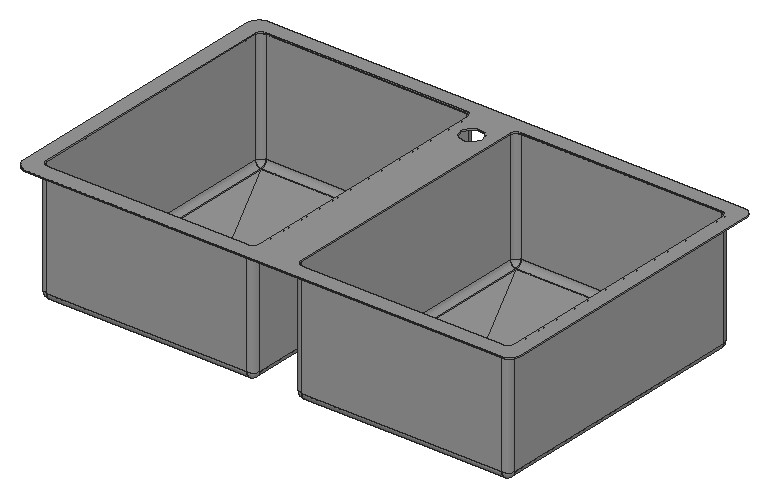
Revit family "BUILDMAT-SNGMTL013-Jack-820-Tap-Landing-Gunmetal", category Plumbing Fixtures, host Face, Revit 2026
Family settings
  Host = Face
  Round Connector Dimension = Use Diameter
  Part Type = Normal
  Enable Cutting in Views = No
  Cut with Voids When Loaded = No
  Maintain Annotation Orientation = No
  Shared = No
  Room Calculation Point = No
Parameters (values of type "Jack 820x500x205mm Brushed Gunmetal")
  Width 2 = 350.0 mm
  Width 1 = 350.0 mm
  Undermount [instance] = 20.0 mm
  URL = "https://www.buildmat.com.au/products/jack-820-double-bowl-tap-landing-sink"
  Sound Pad 2 = yes
  Sound Pad 1 = yes
  Model = "TLAN013"  # constant formula
  Manufacturer's URL = "https://www.buildmat.com.au/"
  Manufacturer = "BUILDMAT"  # constant formula
  Length = 450.0 mm
  Gap = 70.0 mm
  Drain Sound Pad 2 = yes
  Drain Sound Pad 1 = yes
  Description = "BUILDMAT - Jack 820x500 Double Bowl with Tap Landing Sink"  # constant formula
  Depth = 205.0 mm
  Default Elevation = 1200.0 mm
  D. S. Pad 2 = 230.0 mm
  D. S. Pad 1 = 230.0 mm
  D. Bracket 4 = 50.0 mm
  D. Bracket 3 = 100.0 mm
  D. Bracket 2 = 100.0 mm
  D. Bracket 1 = 50.0 mm
  Created By URL = "https://www.buildmat.com.au/"
  Created By = "BUILDMAT"  # constant formula
  Created = "22.06.2022"  # constant formula
  Bracket 4 = yes
  Bracket 3 = yes
  Bracket 2 = yes
  Bracket 1 = yes
  Material = BUILDMAT Gunmetal
Reference planes
  plane 1 "Center (Front/Back)": y = 0
  plane 2: z = 0
  plane 3 "Center (Left/Right)": x = 0
  plane 4: x = -35
  plane 5: x = 35
  plane 6: x = -385
  plane 7: x = 385
  plane 8: y = -225
  plane 9: y = 225
  plane 10: x = -410
  plane 11: x = 410
  plane 12: y = -250
  plane 13: y = 250
  plane 14: x = 210
  plane 15: x = -210
  plane 16: y = 215
  plane 17: y = -215
  plane 18: x = -375
  plane 19: x = -45
  plane 20: x = 45
  plane 21: x = 375
  plane 22: y = 226.5
  plane 23: y = -226.5
  plane 24: x = -386.5
  plane 25: x = -33.5
  plane 26: x = 33.5
  plane 27: x = 386.5
  plane 28: x = -267
  plane 29: x = -153
  plane 30: x = -165
  plane 31: x = -255
  plane 32: x = 153
  plane 33: x = 165
  plane 34: x = 255
  plane 35: x = 267
  plane 36 "Top Substrate": z = -20
  plane 37: z = -18.5
  plane 38 "Bottom Void": z = -225
  plane 39: z = -215
  plane 40: z = -205
  plane 41: z = -220
  plane 42: z = -221.481
  plane 43: z = -216.5
  plane 44 "Sound Pad": z = -125
  plane 45 "Bracket 1": x = -335
  plane 46 "Bracket 4": x = 335
  plane 47: y = 125
  plane 48: y = -125
  plane 49: x = -310
  plane 50: x = -110
  plane 51: x = 110
  plane 52: x = 310
  plane 53: z = -185
  plane 54: z = -165
  plane 55: y = 180
Forms (mm)
  Extrusion 1, void
    sketch origin (0, 0, 0) x (1, 0, 0) y (0, 1, 0)
      loop
        arc (-375, 225) -> (-382.071, 222.071) -> (-385, 215) r 10
        line (-385, 215) -> (-385, -215)
        arc (-385, -215) -> (-382.071, -222.071) -> (-375, -225) r 10
        line (-375, -225) -> (375, -225)
        arc (375, -225) -> (382.071, -222.071) -> (385, -215) r 10
        line (385, -215) -> (385, 215)
        arc (385, 215) -> (382.071, 222.071) -> (375, 225) r 10
        line (375, 225) -> (-375, 225)
    from 0 to -18.5
  Extrusion 2, void
    sketch origin (0, 0, 0) x (1, 0, 0) y (0, 1, 0)
      loop
        arc (-390, 250) -> (-404.142, 244.142) -> (-410, 230) r 20
        line (-410, 230) -> (-410, -230)
        arc (-410, -230) -> (-404.142, -244.142) -> (-390, -250) r 20
        line (-390, -250) -> (390, -250)
        arc (390, -250) -> (404.142, -244.142) -> (410, -230) r 20
        line (410, -230) -> (410, 230)
        arc (410, 230) -> (404.142, 244.142) -> (390, 250) r 20
        line (390, 250) -> (-390, 250)
    from -20 to -18.5
  Extrusion 3, void
    sketch origin (0, 0, 0) x (1, 0, 0) y (0, 1, 0)
      loop
        line (-386.5, 226.5) -> (-386.5, -226.5) -> (386.5, -226.5) -> (386.5, 226.5) -> (-386.5, 226.5)
    from -225 to -20
  Extrusion 4, solid, material "BUILDMAT Gunmetal" <- "Material"
    sketch origin (0, 0, -20) x (-1, 0, 0) y (0, -1, 0)
      loop
        arc (390, -250) -> (404.142, -244.142) -> (410, -230) r 20
        line (410, -230) -> (410, 230)
        arc (410, 230) -> (404.142, 244.142) -> (390, 250) r 20
        line (390, 250) -> (-390, 250)
        arc (-390, 250) -> (-404.142, 244.142) -> (-410, 230) r 20
        line (-410, 230) -> (-410, -230)
        arc (-410, -230) -> (-404.142, -244.142) -> (-390, -250) r 20
        line (-390, -250) -> (390, -250)
      loop
        arc (375, -225) -> (382.071, -222.071) -> (385, -215) r 10
        line (385, -215) -> (385, 215)
        arc (385, 215) -> (382.071, 222.071) -> (375, 225) r 10
        line (375, 225) -> (45, 225)
        arc (45, 225) -> (37.929, 222.071) -> (35, 215) r 10
        line (35, 215) -> (35, -215)
        arc (35, -215) -> (37.929, -222.071) -> (45, -225) r 10
        line (45, -225) -> (375, -225)
      loop
        line (-35, -215) -> (-35, 215)
        arc (-35, 215) -> (-37.929, 222.071) -> (-45, 225) r 10
        line (-45, 225) -> (-375, 225)
        arc (-375, 225) -> (-382.071, 222.071) -> (-385, 215) r 10
        line (-385, 215) -> (-385, -215)
        arc (-385, -215) -> (-382.071, -222.071) -> (-375, -225) r 10
        line (-375, -225) -> (-45, -225)
        arc (-45, -225) -> (-37.929, -222.071) -> (-35, -215) r 10
    from 0 to 1.5
  Extrusion 5, solid, material "BUILDMAT Gunmetal" <- "Material"
    sketch origin (0, 0, -20) x (-1, 0, 0) y (0, -1, 0)
      loop
        arc (375, -225) -> (382.071, -222.071) -> (385, -215) r 10
        line (385, -215) -> (385, 215)
        arc (385, 215) -> (382.071, 222.071) -> (375, 225) r 10
        line (375, 225) -> (45, 225)
        arc (45, 225) -> (37.929, 222.071) -> (35, 215) r 10
        line (35, 215) -> (35, -215)
        arc (35, -215) -> (37.929, -222.071) -> (45, -225) r 10
        line (45, -225) -> (375, -225)
      loop
        arc (375, -226.5) -> (383.132, -223.132) -> (386.5, -215) r 11.5
        line (386.5, -215) -> (386.5, 215)
        arc (386.5, 215) -> (383.132, 223.132) -> (375, 226.5) r 11.5
        line (375, 226.5) -> (45, 226.5)
        arc (45, 226.5) -> (36.868, 223.132) -> (33.5, 215) r 11.5
        line (33.5, 215) -> (33.5, -215)
        arc (33.5, -215) -> (36.868, -223.132) -> (45, -226.5) r 11.5
        line (45, -226.5) -> (375, -226.5)
    from 0 to -185
  Extrusion 6, solid, material "BUILDMAT Gunmetal" <- "Material"
    sketch origin (0, 0, -20) x (-1, 0, 0) y (0, -1, 0)
      loop
        arc (-45, -225) -> (-37.929, -222.071) -> (-35, -215) r 10
        line (-35, -215) -> (-35, 215)
        arc (-35, 215) -> (-37.929, 222.071) -> (-45, 225) r 10
        line (-45, 225) -> (-375, 225)
        arc (-375, 225) -> (-382.071, 222.071) -> (-385, 215) r 10
        line (-385, 215) -> (-385, -215)
        arc (-385, -215) -> (-382.071, -222.071) -> (-375, -225) r 10
        line (-375, -225) -> (-45, -225)
      loop
        line (-33.5, -215) -> (-33.5, 215)
        arc (-33.5, 215) -> (-36.868, 223.132) -> (-45, 226.5) r 11.5
        line (-45, 226.5) -> (-375, 226.5)
        arc (-375, 226.5) -> (-383.132, 223.132) -> (-386.5, 215) r 11.5
        line (-386.5, 215) -> (-386.5, -215)
        arc (-386.5, -215) -> (-383.132, -223.132) -> (-375, -226.5) r 11.5
        line (-375, -226.5) -> (-45, -226.5)
        arc (-45, -226.5) -> (-36.868, -223.132) -> (-33.5, -215) r 11.5
    from 0 to -185
  Extrusion 7, solid, material "BUILDMAT Gunmetal" <- "Material"
    sketch origin (0, 0, 0) x (1, 0, 0) y (0, 0, 1)
      loop
        line (-385, -205) -> (-386.5, -205)
        arc (-386.5, -205) -> (-383.132, -213.132) -> (-375, -216.5) r 11.5
        line (-375, -216.5) -> (-375, -215)
        arc (-375, -215) -> (-382.071, -212.071) -> (-385, -205) r 10
    from -215 to 215
  Extrusion 8, solid, material "BUILDMAT Gunmetal" <- "Material"
    sketch origin (0, 0, 0) x (1, 0, 0) y (0, 0, 1)
      loop
        arc (-35, -205) -> (-37.929, -212.071) -> (-45, -215) r 10
        line (-45, -215) -> (-45, -216.5)
        arc (-45, -216.5) -> (-36.868, -213.132) -> (-33.5, -205) r 11.5
        line (-33.5, -205) -> (-35, -205)
    from -215 to 215
  Extrusion 9, solid, material "BUILDMAT Gunmetal" <- "Material"
    sketch origin (0, 0, 0) x (1, 0, 0) y (0, 0, 1)
      loop
        line (35, -205) -> (33.5, -205)
        arc (33.5, -205) -> (36.868, -213.132) -> (45, -216.5) r 11.5
        line (45, -216.5) -> (45, -215)
        arc (45, -215) -> (37.929, -212.071) -> (35, -205) r 10
    from -215 to 215
  Extrusion 10, solid, material "BUILDMAT Gunmetal" <- "Material"
    sketch origin (0, 0, 0) x (1, 0, 0) y (0, 0, 1)
      loop
        arc (385, -205) -> (382.071, -212.071) -> (375, -215) r 10
        line (375, -215) -> (375, -216.5)
        arc (375, -216.5) -> (383.132, -213.132) -> (386.5, -205) r 11.5
        line (386.5, -205) -> (385, -205)
    from -215 to 215
  Extrusion 11, solid, material "BUILDMAT Gunmetal" <- "Material"
    sketch origin (0, 0, 0) x (0, 1, 0) y (0, 0, 1)
      loop
        line (226.5, -205) -> (225, -205)
        arc (225, -205) -> (222.071, -212.071) -> (215, -215) r 10
        line (215, -215) -> (215, -216.5)
        arc (215, -216.5) -> (223.132, -213.132) -> (226.5, -205) r 11.5
    from 45 to 375
  Extrusion 12, solid, material "BUILDMAT Gunmetal" <- "Material"
    sketch origin (0, 0, 0) x (0, 1, 0) y (0, 0, 1)
      loop
        line (-225, -205) -> (-226.5, -205)
        arc (-226.5, -205) -> (-223.132, -213.132) -> (-215, -216.5) r 11.5
        line (-215, -216.5) -> (-215, -215)
        arc (-215, -215) -> (-222.071, -212.071) -> (-225, -205) r 10
    from 45 to 375
  Extrusion 13, solid, material "BUILDMAT Gunmetal" <- "Material"
    sketch origin (0, 0, 0) x (0, 1, 0) y (0, 0, 1)
      loop
        arc (225, -205) -> (222.071, -212.071) -> (215, -215) r 10
        line (215, -215) -> (215, -216.5)
        arc (215, -216.5) -> (223.132, -213.132) -> (226.5, -205) r 11.5
        line (226.5, -205) -> (225, -205)
    from -375 to -45
  Extrusion 14, solid, material "BUILDMAT Gunmetal" <- "Material"
    sketch origin (0, 0, 0) x (0, 1, 0) y (0, 0, 1)
      loop
        line (-225, -205) -> (-226.5, -205)
        arc (-226.5, -205) -> (-223.132, -213.132) -> (-215, -216.5) r 11.5
        line (-215, -216.5) -> (-215, -215)
        arc (-215, -215) -> (-222.071, -212.071) -> (-225, -205) r 10
    from -375 to -45
  Revolve 15, solid, material "BUILDMAT Gunmetal" <- "Material"
    sketch origin (-423.435, 215, 4000) x (-1, 0, 0) y (0, 0, 1)
      loop
        arc (-38.435, -4205) -> (-41.364, -4212.071) -> (-48.435, -4215) r 10
        line (-48.435, -4215) -> (-48.435, -4216.5)
        arc (-48.435, -4216.5) -> (-40.304, -4213.132) -> (-36.935, -4205) r 11.5
        line (-36.935, -4205) -> (-38.435, -4205)
      axis (-48.435, -4205) -> (-48.435, -4216.5)
    angle from -90 to 0
  Revolve 16, solid, material "BUILDMAT Gunmetal" <- "Material"
    sketch origin (-423.435, 215, 4000) x (-1, 0, 0) y (0, 0, 1)
      loop
        line (-388.435, -4205) -> (-389.935, -4205)
        arc (-389.935, -4205) -> (-386.567, -4213.132) -> (-378.435, -4216.5) r 11.5
        line (-378.435, -4216.5) -> (-378.435, -4215)
        arc (-378.435, -4215) -> (-385.506, -4212.071) -> (-388.435, -4205) r 10
      axis (-378.435, -4205) -> (-378.435, -4216.5)
    angle from -90 to 0
  Revolve 17, solid, material "BUILDMAT Gunmetal" <- "Material"
    sketch origin (-423.435, 215, 4000) x (-1, 0, 0) y (0, 0, 1)
      loop
        arc (-458.435, -4205) -> (-461.364, -4212.071) -> (-468.435, -4215) r 10
        line (-468.435, -4215) -> (-468.435, -4216.5)
        arc (-468.435, -4216.5) -> (-460.304, -4213.132) -> (-456.935, -4205) r 11.5
        line (-456.935, -4205) -> (-458.435, -4205)
      axis (-468.435, -4205) -> (-468.435, -4216.5)
    angle from -90 to 0
  Revolve 18, solid, material "BUILDMAT Gunmetal" <- "Material"
    sketch origin (-423.435, 215, 4000) x (-1, 0, 0) y (0, 0, 1)
      loop
        line (-808.435, -4205) -> (-809.935, -4205)
        arc (-809.935, -4205) -> (-806.567, -4213.132) -> (-798.435, -4216.5) r 11.5
        line (-798.435, -4216.5) -> (-798.435, -4215)
        arc (-798.435, -4215) -> (-805.506, -4212.071) -> (-808.435, -4205) r 10
      axis (-798.435, -4205) -> (-798.435, -4216.5)
    angle from -90 to 0
  Revolve 19, solid, material "BUILDMAT Gunmetal" <- "Material"
    sketch origin (-423.435, -215, 4000) x (-1, 0, 0) y (0, 0, 1)
      loop
        arc (-38.435, -4205) -> (-41.364, -4212.071) -> (-48.435, -4215) r 10
        line (-48.435, -4215) -> (-48.435, -4216.5)
        arc (-48.435, -4216.5) -> (-40.304, -4213.132) -> (-36.935, -4205) r 11.5
        line (-36.935, -4205) -> (-38.435, -4205)
      axis (-48.435, -4205) -> (-48.435, -4216.5)
    angle from 0 to 90
  Revolve 20, solid, material "BUILDMAT Gunmetal" <- "Material"
    sketch origin (-423.435, -215, 4000) x (-1, 0, 0) y (0, 0, 1)
      loop
        arc (-389.935, -4205) -> (-386.567, -4213.132) -> (-378.435, -4216.5) r 11.5
        line (-378.435, -4216.5) -> (-378.435, -4215)
        arc (-378.435, -4215) -> (-385.506, -4212.071) -> (-388.435, -4205) r 10
        line (-388.435, -4205) -> (-389.935, -4205)
      axis (-378.435, -4205) -> (-378.435, -4216.5)
    angle from 0 to 90
  Revolve 21, solid, material "BUILDMAT Gunmetal" <- "Material"
    sketch origin (-423.435, -215, 4000) x (-1, 0, 0) y (0, 0, 1)
      loop
        line (-456.935, -4205) -> (-458.435, -4205)
        arc (-458.435, -4205) -> (-461.364, -4212.071) -> (-468.435, -4215) r 10
        line (-468.435, -4215) -> (-468.435, -4216.5)
        arc (-468.435, -4216.5) -> (-460.304, -4213.132) -> (-456.935, -4205) r 11.5
      axis (-468.435, -4205) -> (-468.435, -4216.5)
    angle from 0 to 90
  Revolve 22, solid, material "BUILDMAT Gunmetal" <- "Material"
    sketch origin (-423.435, -215, 4000) x (-1, 0, 0) y (0, 0, 1)
      loop
        arc (-809.935, -4205) -> (-806.567, -4213.132) -> (-798.435, -4216.5) r 11.5
        line (-798.435, -4216.5) -> (-798.435, -4215)
        arc (-798.435, -4215) -> (-805.506, -4212.071) -> (-808.435, -4205) r 10
        line (-808.435, -4205) -> (-809.935, -4205)
      axis (-798.435, -4205) -> (-798.435, -4216.5)
    angle from 0 to 90
  Extrusion 23, solid, material "BUILDMAT Gunmetal" <- "Material"
    sketch origin (0, 0, -20) x (-1, 0, 0) y (0, -1, 0)
      loop
        line (45, -215) -> (375, -215) -> (375, 215) -> (45, 215) -> (45, -215)
    from -196.5 to -195
  Extrusion 24, solid, material "BUILDMAT Gunmetal" <- "Material"
    sketch origin (0, 0, -20) x (-1, 0, 0) y (0, -1, 0)
      loop
        line (-45, -215) -> (-45, 215) -> (-375, 215) -> (-375, -215) -> (-45, -215)
    from -196.5 to -195
  Blend 25, solid, material "BUILDMAT Gunmetal" <- "Material"
    base sketch origin (0, 0, -20) x (-1, 0, 0) y (0, -1, 0)
      loop
        circle (210, 0) r 57
    top sketch origin (0, 0, -20) x (-1, 0, 0) y (0, -1, 0)
      loop
        line (375, -215) -> (375, 215) -> (45, 215) -> (45, -215) -> (375, -215)
    from -201.481 to -196.5
  Blend 26, solid, material "BUILDMAT Gunmetal" <- "Material"
    base sketch origin (0, 0, -20) x (-1, 0, 0) y (0, -1, 0)
      loop
        circle (-210, 0) r 57
    top sketch origin (0, 0, -20) x (-1, 0, 0) y (0, -1, 0)
      loop
        line (-45, -215) -> (-45, 215) -> (-375, 215) -> (-375, -215) -> (-45, -215)
    from -201.481 to -196.5
  Blend 27, void
    base sketch origin (0, 0, -20) x (-1, 0, 0) y (0, -1, 0)
      loop
        circle (210, 0) r 57
    top sketch origin (0, 0, -20) x (-1, 0, 0) y (0, -1, 0)
      loop
        line (375, -215) -> (375, 215) -> (45, 215) -> (45, -215) -> (375, -215)
    from -200 to -195
  Blend 28, void
    base sketch origin (0, 0, -20) x (-1, 0, 0) y (0, -1, 0)
      loop
        circle (-210, 0) r 57
    top sketch origin (0, 0, -20) x (-1, 0, 0) y (0, -1, 0)
      loop
        line (-45, -215) -> (-45, 215) -> (-375, 215) -> (-375, -215) -> (-45, -215)
    from -200 to -195
  Extrusion 29, void
    sketch origin (0, 0, -225) x (-1, 0, 0) y (0, -1, 0)
      loop
        circle (210, 0) r 57
    from 0 to 5
  Extrusion 30, void
    sketch origin (0, 0, -225) x (-1, 0, 0) y (0, -1, 0)
      loop
        circle (-210, 0) r 57
    from 0 to 5
  Revolve 31, solid, material "BUILDMAT Gunmetal" <- "Material"
    sketch origin (0, 0, 0) x (1, 0, 0) y (0, 0, 1)
      loop
        spline (-267, -220) -> (-266.897, -220.653) -> (-266.591, -221.294) -> (-266.087, -221.913) -> (-265.392, -222.5) -> (-264.52, -223.044) -> (-263.485, -223.536) -> (-262.305, -223.967) -> (-261, -224.33) -> (-259.592, -224.619) -> (-258.106, -224.83) -> (-256.566, -224.957) -> (-255, -225)
        line (-255, -225) -> (-255, -223.5)
        spline (-255, -223.5) -> (-256.371, -223.47) -> (-257.718, -223.381) -> (-259.018, -223.234) -> (-260.25, -223.031) -> (-261.392, -222.777) -> (-262.425, -222.475) -> (-263.33, -222.131) -> (-264.093, -221.75) -> (-264.701, -221.339) -> (-265.142, -220.906) -> (-265.41, -220.457) -> (-265.5, -220)
        line (-265.5, -220) -> (-267, -220)
      axis (-210, -225) -> (-210, -220)
    angle from 0 to 360
  Revolve 32, solid, material "BUILDMAT Gunmetal" <- "Material"
    sketch origin (0, 0, 0) x (1, 0, 0) y (0, 0, 1)
      loop
        line (267, -220) -> (265.5, -220)
        spline (265.5, -220) -> (265.41, -220.457) -> (265.142, -220.906) -> (264.701, -221.339) -> (264.093, -221.75) -> (263.33, -222.131) -> (262.425, -222.475) -> (261.392, -222.777) -> (260.25, -223.031) -> (259.018, -223.234) -> (257.718, -223.381) -> (256.371, -223.47) -> (255, -223.5)
        line (255, -223.5) -> (255, -225)
        spline (255, -225) -> (256.566, -224.957) -> (258.106, -224.83) -> (259.592, -224.619) -> (261, -224.33) -> (262.305, -223.967) -> (263.485, -223.536) -> (264.52, -223.044) -> (265.392, -222.5) -> (266.087, -221.913) -> (266.591, -221.294) -> (266.897, -220.653) -> (267, -220)
      axis (210, -220) -> (210, -225)
    angle from 0 to 360
  Extrusion 33, void
    sketch origin (0, 0, -20) x (-1, 0, 0) y (0, -1, 0)
      loop
        circle (0, -180) r 17.5
    from 0 to 1.5
Cuts and joins
  Blend 27, Extrusion 29 cuts Extrusion 23
  Blend 27, Extrusion 29 cuts Blend 25
  joined: Extrusion 23, Blend 25
  Blend 28, Extrusion 30 cuts Extrusion 24
  Blend 28, Extrusion 30 cuts Blend 26
  joined: Extrusion 24, Blend 26
  Extrusion 33 cuts Extrusion 4
Lines and regions (mm)
  Masking region 1
    outline origin (0, 0, 0) x (1, 0, 0) y (0, 0, 1)
      loop
        line (-385, -20) -> (-385, -205)
        arc (-385, -205) -> (-382.071, -212.071) -> (-375, -215) r 10
        line (-375, -215) -> (-267, -220) -> (-153, -220) -> (-45, -215)
        arc (-45, -215) -> (-37.929, -212.071) -> (-35, -205) r 10
        line (-35, -205) -> (-35, -20) -> (-385, -20)
  Masking region 2
    outline origin (0, 0, 0) x (1, 0, 0) y (0, 0, 1)
      loop
        line (35, -20) -> (35, -205)
        arc (35, -205) -> (37.609, -211.736) -> (44.076, -214.957) r 10
        line (44.076, -214.957) -> (153, -220) -> (267, -220) -> (375, -215)
        arc (375, -215) -> (382.071, -212.071) -> (385, -205) r 10
        line (385, -205) -> (385, -20) -> (35, -20)
  Masking region 3, visible <- "Drain Sound Pad 1"
    outline origin (0, 0, 0) x (1, 0, 0) y (0, 0, 1)
      loop
        line (-267, -221.481) -> (-310, -219.498) -> (-310, -225) -> (-267, -225) -> (-267, -221.481)
  Masking region 4, visible <- "Drain Sound Pad 1"
    outline origin (0, 0, 0) x (1, 0, 0) y (0, 0, 1)
      loop
        line (-153, -221.481) -> (-153, -225) -> (-110, -225) -> (-110, -219.498) -> (-153, -221.481)
  Masking region 5, visible <- "Drain Sound Pad 2"
    outline origin (0, 0, 0) x (1, 0, 0) y (0, 0, 1)
      loop
        line (110, -219.498) -> (110, -225) -> (153, -225) -> (153, -221.481) -> (110, -219.498)
  Masking region 6, visible <- "Drain Sound Pad 2"
    outline origin (0, 0, 0) x (1, 0, 0) y (0, 0, 1)
      loop
        line (310, -219.498) -> (267, -221.481) -> (267, -225) -> (310, -225) -> (310, -219.498)
  Masking region 7
    outline origin (0, 0, 0) x (1, 0, 0) y (0, 0, 1)
      loop
        line (-33.5, -165) -> (-33.5, -185) -> (33.5, -185) -> (33.5, -165) -> (-33.5, -165)
Text (mm)
  text "Refer to www.buildmat.com.au for the most current product literature. \nAllow a +/- 5mm tolerance for dimensions shown in the product literature. \nPlease note product details are subject to change due to ongoing product development." at (0.056, -1035.857, 0), in view "Ref. Level"
Dimensions and locks
  equal spacing: plane 4, plane 3 "Center (Left/Right)", plane 5
  "Gap": plane 4 to plane 5
  "Width 1": plane 6 to plane 4
  "Width 2": plane 5 to plane 7
  equal spacing: plane 9, plane 1 "Center (Front/Back)", plane 8
  "Length": plane 8 to plane 9
  locked: plane 10 to plane 6 at 25
  locked: plane 7 to plane 11 at 25
  locked: plane 13 to plane 9 at 25
  locked: plane 8 to plane 12 at 25
  equal spacing: plane 5, plane 14, plane 7
  equal spacing: plane 6, plane 15, plane 4
  locked: plane 9 to plane 16 at 10
  locked: plane 17 to plane 8 at 10
  locked: plane 6 to plane 18 at 10
  locked: plane 19 to plane 4 at 10
  locked: plane 5 to plane 20 at 10
  locked: plane 21 to plane 7 at 10
  locked: plane 8 to plane 23 at 1.5
  locked: plane 22 to plane 9 at 1.5
  locked: plane 24 to plane 6 at 1.5
  locked: plane 4 to plane 25 at 1.5
  locked: plane 26 to plane 5 at 1.5
  locked: plane 7 to plane 27 at 1.5
  plane 28 to plane 15 to plane 29 = 57.0 mm locked, 57.0 mm locked
  plane 31 to plane 15 to plane 30 = 45.0 mm locked, 45.0 mm locked
  plane 32 to plane 14 to plane 35 = 57.0 mm locked, 57.0 mm locked
  plane 33 to plane 14 to plane 34 = 45.0 mm locked, 45.0 mm locked
  locked: plane 37 to plane 36 "Top Substrate" at 1.5
  plane 40 to plane 39 to plane 38 "Bottom Void" = 10.0 mm locked, 10.0 mm locked
  locked: plane 41 to plane 38 "Bottom Void" at 5
  locked: plane 41 to plane 42 at 1.481
  locked: plane 39 to plane 43 at 1.5
  locked: plane 44 "Sound Pad" to plane 38 "Bottom Void" at 100
  "Depth": plane 36 "Top Substrate" to plane 38 "Bottom Void"
  "Undermount": plane 2 to plane 36 "Top Substrate"
  locked: plane 45 "Bracket 1" to plane 6 at 50
  locked: plane 7 to plane 46 "Bracket 4" at 50
  locked: plane 9 to plane 47 at 100
  locked: plane 48 to plane 8 at 100
  plane 50 to plane 15 to plane 49 = 100.0 mm locked, 100.0 mm locked
  plane 52 to plane 14 to plane 51 = 100.0 mm locked, 100.0 mm locked
  plane 54 to plane 53 to plane 40 = 20.0 mm locked, 20.0 mm locked
  locked: plane 13 to plane 55 at 70
  aligned and locked: plane 2 to host face
  aligned and locked: level to host face
  aligned and locked: Extrusion 1 sketch curve to plane 9
  aligned and locked: Extrusion 1 sketch curve to plane 6
  aligned and locked: Extrusion 1 sketch curve to plane 7
  aligned and locked: Extrusion 1 sketch curve to plane 8
  aligned and locked: Extrusion 1 to level
  aligned and locked: Extrusion 1 to plane 37
  aligned and locked: Extrusion 2 sketch curve to plane 13
  aligned and locked: Extrusion 2 sketch curve to plane 10
  aligned and locked: Extrusion 2 sketch curve to plane 11
  aligned and locked: Extrusion 2 sketch curve to plane 12
  aligned and locked: Extrusion 2 to plane 36 "Top Substrate"
  aligned and locked: Extrusion 2 to plane 37
  aligned and locked: Extrusion 3 sketch curve to plane 22
  aligned and locked: Extrusion 3 sketch curve to plane 24
  aligned and locked: Extrusion 3 sketch curve to plane 27
  aligned and locked: Extrusion 3 sketch curve to plane 23
  aligned and locked: Extrusion 3 to plane 38 "Bottom Void"
  aligned and locked: plane 36 "Top Substrate" to Extrusion 3
  aligned and locked: Extrusion 4 sketch curve to plane 13
  aligned and locked: Extrusion 4 sketch curve to plane 10
  aligned and locked: Extrusion 4 sketch curve to plane 11
  aligned and locked: Extrusion 4 sketch curve to plane 12
  aligned and locked: Extrusion 4 sketch curve to plane 9  (x2)
  aligned and locked: Extrusion 4 sketch curve to plane 6
  aligned and locked: Extrusion 4 sketch curve to plane 8  (x2)
  aligned and locked: Extrusion 4 sketch curve to plane 4
  aligned and locked: Extrusion 4 sketch curve to plane 5
  aligned and locked: Extrusion 4 sketch curve to plane 7
  aligned and locked: Extrusion 4 to plane 36 "Top Substrate"
  aligned and locked: Extrusion 4 to plane 37
  aligned and locked: Extrusion 5 sketch curve to plane 9
  aligned and locked: Extrusion 5 sketch curve to plane 22
  aligned and locked: Extrusion 5 sketch curve to plane 6
  aligned and locked: Extrusion 5 sketch curve to plane 24
  aligned and locked: Extrusion 5 sketch curve to plane 25
  aligned and locked: Extrusion 5 sketch curve to plane 4
  aligned and locked: Extrusion 5 sketch curve to plane 23
  aligned and locked: Extrusion 5 sketch curve to plane 8
  aligned and locked: Extrusion 5 to plane 40
  aligned and locked: plane 36 "Top Substrate" to Extrusion 5
  aligned and locked: Extrusion 6 sketch curve to plane 9
  aligned and locked: Extrusion 6 sketch curve to plane 7
  aligned and locked: Extrusion 6 sketch curve to plane 8
  aligned and locked: Extrusion 6 sketch curve to plane 5
  aligned and locked: Extrusion 6 sketch curve to plane 26
  aligned and locked: Extrusion 6 sketch curve to plane 27
  aligned and locked: Extrusion 6 sketch curve to plane 22
  aligned and locked: Extrusion 6 sketch curve to plane 23
  aligned and locked: Extrusion 6 to plane 40
  aligned and locked: plane 36 "Top Substrate" to Extrusion 6
  aligned and locked: Extrusion 7 sketch curve to plane 40
  aligned and locked: Extrusion 7 sketch curve to plane 18
  aligned and locked: Extrusion 8 sketch curve to plane 40
  aligned and locked: Extrusion 8 sketch curve to plane 19
  aligned and locked: Extrusion 9 sketch curve to plane 40
  aligned and locked: Extrusion 9 sketch curve to plane 20
  aligned and locked: Extrusion 10 sketch curve to plane 21
  aligned and locked: plane 40 to Extrusion 10 sketch curve
  aligned and locked: plane 16 to Extrusion 10
  aligned and locked: plane 16 to Extrusion 9
  aligned and locked: plane 16 to Extrusion 8
  aligned and locked: plane 16 to Extrusion 7
  aligned and locked: Extrusion 10 to plane 17
  aligned and locked: Extrusion 9 to plane 17
  aligned and locked: Extrusion 8 to plane 17
  aligned and locked: Extrusion 7 to plane 17
  aligned and locked: plane 40 to Extrusion 11 sketch curve
  aligned and locked: plane 16 to Extrusion 11 sketch curve
  aligned and locked: plane 17 to Extrusion 12 sketch curve
  aligned and locked: plane 40 to Extrusion 12 sketch curve
  aligned and locked: plane 21 to Extrusion 11
  aligned and locked: plane 21 to Extrusion 12
  aligned and locked: Extrusion 11 to plane 20
  aligned and locked: Extrusion 12 to plane 20
  aligned and locked: plane 16 to Extrusion 13 sketch curve
  aligned and locked: plane 40 to Extrusion 13 sketch curve
  aligned and locked: plane 17 to Extrusion 14 sketch curve
  aligned and locked: plane 40 to Extrusion 14 sketch curve
  aligned and locked: Extrusion 14 to plane 18
  aligned and locked: plane 19 to Extrusion 14
  aligned and locked: Extrusion 13 to plane 18
  aligned and locked: plane 19 to Extrusion 13
  aligned and locked: Revolve 15 sketch curve to plane 18
  aligned and locked: plane 40 to Revolve 15 sketch curve
  aligned and locked: plane 18 to Revolve 15 sketch curve
  aligned and locked: plane 18 to Revolve 15
  aligned and locked: plane 16 to Revolve 15
  aligned and locked: Revolve 16 sketch curve to plane 19
  aligned and locked: plane 19 to Revolve 16 sketch curve
  aligned and locked: plane 40 to Revolve 16 sketch curve
  aligned and locked: Revolve 16 to plane 19
  aligned and locked: plane 16 to Revolve 16
  aligned and locked: Revolve 17 sketch curve to plane 20
  aligned and locked: plane 40 to Revolve 17 sketch curve
  aligned and locked: plane 20 to Revolve 17 sketch curve
  aligned and locked: plane 20 to Revolve 17
  aligned and locked: plane 16 to Revolve 17
  aligned and locked: Revolve 18 sketch curve to plane 21
  aligned and locked: plane 21 to Revolve 18 sketch curve
  aligned and locked: plane 40 to Revolve 18 sketch curve
  aligned and locked: Revolve 18 to plane 21
  aligned and locked: Revolve 18 to plane 16
  aligned and locked: Revolve 19 sketch curve to plane 18
  aligned and locked: plane 40 to Revolve 19 sketch curve
  aligned and locked: plane 18 to Revolve 19 sketch curve
  aligned and locked: Revolve 19 to plane 18
  aligned and locked: plane 17 to Revolve 19
  aligned and locked: Revolve 20 sketch curve to plane 19
  aligned and locked: plane 40 to Revolve 20 sketch curve
  aligned and locked: plane 19 to Revolve 20 sketch curve
  aligned and locked: plane 19 to Revolve 20
  aligned and locked: plane 17 to Revolve 20
  aligned and locked: Revolve 21 sketch curve to plane 20
  aligned and locked: plane 40 to Revolve 21 sketch curve
  aligned and locked: plane 20 to Revolve 21 sketch curve
  aligned and locked: Revolve 21 to plane 20
  aligned and locked: plane 17 to Revolve 21
  aligned and locked: Revolve 22 sketch curve to plane 21
  aligned and locked: plane 40 to Revolve 22 sketch curve
  aligned and locked: plane 21 to Revolve 22 sketch curve
  aligned and locked: Revolve 22 to plane 17
  aligned and locked: plane 21 to Revolve 22
  aligned and locked: Extrusion 23 sketch curve to plane 19
  aligned and locked: Extrusion 23 sketch curve to plane 18
  aligned and locked: Extrusion 23 sketch curve to plane 16
  aligned and locked: Extrusion 23 sketch curve to plane 17
  aligned and locked: Extrusion 23 to plane 43
  aligned and locked: plane 39 to Extrusion 23
  aligned and locked: Extrusion 24 sketch curve to plane 16
  aligned and locked: Extrusion 24 sketch curve to plane 17
  aligned and locked: Extrusion 24 sketch curve to plane 21
  aligned and locked: Extrusion 24 sketch curve to plane 20
  aligned and locked: Extrusion 24 to plane 43
  aligned and locked: Extrusion 24 to plane 39
  aligned and locked: plane 42 to Blend 25
  aligned and locked: plane 43 to Blend 25
  aligned and locked: plane 42 to Blend 26
  aligned and locked: Blend 26 to plane 43
  aligned and locked: Blend 25 sketch curve to plane 16
  aligned and locked: Blend 25 sketch curve to plane 17
  aligned and locked: Blend 25 sketch curve to plane 18
  aligned and locked: Blend 25 sketch curve to plane 19
  aligned and locked: Blend 26 sketch curve to plane 16
  aligned and locked: Blend 26 sketch curve to plane 17
  aligned and locked: Blend 26 sketch curve to plane 21
  aligned and locked: Blend 26 sketch curve to plane 20
  aligned and locked: Blend 27 sketch curve to plane 16
  aligned and locked: Blend 27 sketch curve to plane 17
  aligned and locked: Blend 27 sketch curve to plane 18
  aligned and locked: Blend 27 sketch curve to plane 19
  aligned and locked: Blend 27 to plane 41
  aligned and locked: plane 39 to Blend 27
  aligned and locked: Blend 28 sketch curve to plane 16
  aligned and locked: Blend 28 sketch curve to plane 17
  aligned and locked: Blend 28 sketch curve to plane 21
  aligned and locked: Blend 28 sketch curve to plane 20
  aligned and locked: Blend 28 to plane 41
  aligned and locked: Blend 28 to plane 39
  aligned and locked: Extrusion 29 to plane 38 "Bottom Void"
  aligned and locked: plane 41 to Extrusion 29
  aligned and locked: Extrusion 30 to plane 38 "Bottom Void"
  aligned and locked: plane 41 to Extrusion 30
  aligned and locked: plane 15 to Revolve 31 sketch curve
  aligned and locked: Revolve 31 sketch curve to plane 41
  aligned and locked: plane 31 to Revolve 31 sketch curve
  aligned and locked: Revolve 32 sketch curve to plane 14
  aligned and locked: plane 34 to Revolve 32 sketch curve
  aligned and locked: plane 41 to Revolve 32 sketch curve
  aligned and locked: plane 18 to nested 1
  aligned and locked: plane 19 to nested 1
  aligned and locked: plane 17 to nested 1
  aligned and locked: plane 16 to nested 1
  aligned and locked: plane 20 to nested 2
  aligned and locked: plane 21 to nested 2
  aligned and locked: nested 2 to plane 17
  aligned and locked: nested 2 to plane 16
  aligned and locked: plane 14 to nested 4
  aligned and locked: plane 15 to nested 3
  aligned and locked: plane 1 "Center (Front/Back)" to nested 3
  aligned and locked: plane 1 "Center (Front/Back)" to nested 4
  aligned and locked: plane 47 to nested 5
  aligned and locked: plane 24 to nested 5
  aligned and locked: plane 48 to nested 6
  aligned and locked: plane 24 to nested 6
  aligned and locked: plane 47 to nested 7
  aligned and locked: plane 48 to nested 8
  aligned and locked: nested 8 to plane 27
  aligned and locked: nested 7 to plane 27
  aligned and locked: nested 12 to plane 45 "Bracket 1"
  aligned and locked: plane 23 to nested 12
  aligned and locked: plane 23 to nested 13
  aligned and locked: nested 14 to plane 46 "Bracket 4"
  aligned and locked: nested 14 to plane 23
  aligned and locked: plane 45 "Bracket 1" to nested 9
  aligned and locked: nested 9 to plane 22
  aligned and locked: nested 10 to plane 22
  aligned and locked: plane 46 "Bracket 4" to nested 11
  aligned and locked: plane 22 to nested 11
  aligned and locked: Masking region 1 sketch curve to plane 36 "Top Substrate"
  aligned and locked: Masking region 1 sketch curve to plane 6
  aligned and locked: Masking region 1 sketch curve to plane 4
  aligned and locked: Masking region 1 sketch curve to Extrusion 7
  aligned and locked: Masking region 1 sketch curve to Extrusion 8
  aligned and locked: Masking region 1 sketch curve to plane 41
  aligned and locked: Masking region 1 sketch curve to cut or joined group of Extrusion 23, Blend 25, Blend 27, Extrusion 29  (x2)
  aligned and locked: Masking region 2 sketch curve to plane 36 "Top Substrate"
  aligned and locked: Masking region 2 sketch curve to plane 41
  aligned and locked: Masking region 2 sketch curve to plane 7
  aligned and locked: Masking region 2 sketch curve to plane 5
  aligned and locked: Masking region 2 sketch curve to Extrusion 9
  aligned and locked: Masking region 2 sketch curve to cut or joined group of Extrusion 24, Blend 26, Blend 28, Extrusion 30  (x2)
  aligned and locked: Masking region 2 sketch curve to Extrusion 10
  aligned and locked: nested 15 to plane 36 "Top Substrate"
  aligned and locked: plane 45 "Bracket 1" to nested 15
  aligned and locked: nested 16 to plane 36 "Top Substrate"
  aligned and locked: plane 46 "Bracket 4" to nested 16
  aligned and locked: nested 17 to plane 44 "Sound Pad"
  aligned and locked: nested 18 to plane 44 "Sound Pad"
  aligned and locked: Masking region 3 sketch curve to plane 28
  aligned and locked: cut or joined group of Extrusion 23, Blend 25, Blend 27, Extrusion 29 to Masking region 3 sketch curve
  aligned and locked: Masking region 3 sketch curve to plane 38 "Bottom Void"
  aligned and locked: Masking region 3 sketch curve to plane 49
  aligned and locked: Masking region 4 sketch curve to plane 29
  aligned and locked: Masking region 4 sketch curve to plane 50
  aligned and locked: Masking region 4 sketch curve to plane 38 "Bottom Void"
  aligned and locked: Masking region 4 sketch curve to cut or joined group of Extrusion 23, Blend 25, Blend 27, Extrusion 29
  aligned and locked: cut or joined group of Extrusion 24, Blend 26, Blend 28, Extrusion 30 to Masking region 5 sketch curve
  aligned and locked: Masking region 5 sketch curve to plane 51
  aligned and locked: Masking region 5 sketch curve to plane 32
  aligned and locked: Masking region 5 sketch curve to plane 38 "Bottom Void"
  aligned and locked: Masking region 6 sketch curve to plane 52
  aligned and locked: Masking region 6 sketch curve to plane 35
  aligned and locked: Masking region 6 sketch curve to cut or joined group of Extrusion 24, Blend 26, Blend 28, Extrusion 30
  aligned and locked: Masking region 6 sketch curve to plane 38 "Bottom Void"
  aligned and locked: Masking region 7 sketch curve to plane 54
  aligned and locked: Masking region 7 sketch curve to plane 53
  aligned and locked: Masking region 7 sketch curve to plane 25
  aligned and locked: Masking region 7 sketch curve to plane 26
  aligned and locked: plane 14 to nested 18
  aligned and locked: plane 15 to nested 17
  aligned and locked: nested 19 to plane 36 "Top Substrate"
  aligned and locked: plane 3 "Center (Left/Right)" to nested 19
  aligned and locked: nested 13 to plane 3 "Center (Left/Right)"
  aligned and locked: plane 3 "Center (Left/Right)" to nested 10
  aligned and locked: Extrusion 33 to plane 36 "Top Substrate"
  aligned and locked: plane 37 to Extrusion 33
Automatic sketch dimensions
  host sketch curve to host sketch curve = 2438.4 mm  (x2)
  Extrusion 1 sketch curve to plane 17 = 0.0 mm
  Extrusion 1 sketch curve to plane 18 = 0.0 mm
  Extrusion 1 sketch curve to plane 21 = 0.0 mm
  Extrusion 1 sketch curve to plane 16 = 0.0 mm
  Extrusion 2 sketch curve to plane 24 = 3.5 mm
  Extrusion 2 sketch curve to plane 23 = 3.5 mm
  plane 22 to Extrusion 2 sketch curve = 3.5 mm
  plane 27 to Extrusion 2 sketch curve = 3.5 mm
  Extrusion 4 sketch curve to plane 21 = 0.0 mm
  Extrusion 4 sketch curve to plane 16 = 0.0 mm  (x2)
  Extrusion 4 sketch curve to plane 20 = 0.0 mm
  Extrusion 4 sketch curve to plane 19 = 0.0 mm  (x2)
  Extrusion 4 sketch curve to plane 18 = 0.0 mm  (x2)
  plane 27 to Extrusion 4 sketch curve = 3.5 mm  (x2)
  Extrusion 4 sketch curve to plane 24 = 3.5 mm
  plane 22 to Extrusion 4 sketch curve = 3.5 mm
  Extrusion 5 sketch curve to plane 19 = 0.0 mm
  Extrusion 5 sketch curve to plane 18 = 0.0 mm  (x2)
  Extrusion 5 sketch curve to plane 17 = 0.0 mm
  Extrusion 5 sketch curve to Extrusion 5 sketch curve = 0.0 mm  (x4)
  Extrusion 6 sketch curve to plane 21 = 0.0 mm
  Extrusion 6 sketch curve to plane 20 = 0.0 mm  (x2)
  Extrusion 6 sketch curve to plane 16 = 0.0 mm
  Extrusion 6 sketch curve to Extrusion 6 sketch curve = 0.0 mm  (x4)
  Extrusion 7 sketch curve to plane 6 = 0.0 mm
  Extrusion 7 sketch curve to plane 43 = 0.0 mm
  Extrusion 8 sketch curve to plane 4 = 0.0 mm
  Extrusion 8 sketch curve to plane 43 = 0.0 mm
  Extrusion 9 sketch curve to plane 5 = 0.0 mm
  Extrusion 9 sketch curve to plane 43 = 0.0 mm
  Extrusion 10 sketch curve to plane 7 = 0.0 mm
  Extrusion 10 sketch curve to plane 43 = 0.0 mm
  Extrusion 11 sketch curve to plane 9 = 0.0 mm
  Extrusion 11 sketch curve to plane 43 = 0.0 mm
  Extrusion 12 sketch curve to plane 8 = 0.0 mm
  Extrusion 12 sketch curve to plane 43 = 0.0 mm
  Extrusion 13 sketch curve to plane 9 = 0.0 mm
  Extrusion 13 sketch curve to plane 43 = 0.0 mm
  Extrusion 14 sketch curve to plane 8 = 0.0 mm
  Extrusion 14 sketch curve to plane 43 = 0.0 mm
  Revolve 15 sketch curve to plane 6 = 0.0 mm
  Revolve 15 sketch curve to plane 43 = 0.0 mm  (x2)
  Revolve 15 sketch curve to plane 40 = 0.0 mm
  Revolve 16 sketch curve to plane 4 = 0.0 mm
  Revolve 16 sketch curve to plane 43 = 0.0 mm  (x2)
  Revolve 16 sketch curve to plane 40 = 0.0 mm
  Revolve 17 sketch curve to plane 5 = 0.0 mm
  Revolve 17 sketch curve to plane 43 = 0.0 mm  (x2)
  Revolve 17 sketch curve to plane 40 = 0.0 mm
  Revolve 18 sketch curve to plane 7 = 0.0 mm
  Revolve 18 sketch curve to plane 43 = 0.0 mm  (x2)
  Revolve 18 sketch curve to plane 40 = 0.0 mm
  Revolve 19 sketch curve to plane 6 = 0.0 mm
  Revolve 19 sketch curve to plane 43 = 0.0 mm  (x2)
  Revolve 19 sketch curve to plane 40 = 0.0 mm
  Revolve 20 sketch curve to plane 4 = 0.0 mm
  Revolve 20 sketch curve to plane 43 = 0.0 mm  (x2)
  Revolve 20 sketch curve to plane 40 = 0.0 mm
  Revolve 21 sketch curve to plane 5 = 0.0 mm
  Revolve 21 sketch curve to plane 43 = 0.0 mm  (x2)
  Revolve 21 sketch curve to plane 40 = 0.0 mm
  Revolve 22 sketch curve to plane 7 = 0.0 mm
  Revolve 22 sketch curve to plane 43 = 0.0 mm  (x2)
  Revolve 22 sketch curve to plane 40 = 0.0 mm
  plane 1 "Center (Front/Back)" to Blend 25 sketch curve = 0.0 mm
  Blend 25 sketch curve to plane 15 = 0.0 mm
  plane 1 "Center (Front/Back)" to Blend 26 sketch curve = 0.0 mm
  Blend 26 sketch curve to plane 14 = 0.0 mm
  plane 1 "Center (Front/Back)" to Blend 27 sketch curve = 0.0 mm
  Blend 27 sketch curve to plane 15 = 0.0 mm
  plane 1 "Center (Front/Back)" to Blend 28 sketch curve = 0.0 mm
  Blend 28 sketch curve to plane 14 = 0.0 mm
  plane 1 "Center (Front/Back)" to Extrusion 29 sketch curve = 0.0 mm
  Extrusion 29 sketch curve to plane 15 = 0.0 mm
  plane 1 "Center (Front/Back)" to Extrusion 30 sketch curve = 0.0 mm
  Extrusion 30 sketch curve to plane 14 = 0.0 mm
  Revolve 31 sketch curve to plane 28 = 0.0 mm
  Revolve 31 sketch curve to plane 38 "Bottom Void" = 0.0 mm
  Revolve 31 sketch curve to plane 40 = 0.0 mm
  plane 28 to Revolve 31 sketch curve = 1.5 mm
  Revolve 31 sketch curve to Revolve 31 sketch curve = 1.5 mm
  plane 38 "Bottom Void" to Revolve 31 sketch curve = 0.0 mm
  Revolve 32 sketch curve to plane 35 = 0.0 mm
  Revolve 32 sketch curve to plane 38 "Bottom Void" = 0.0 mm
  Revolve 32 sketch curve to plane 40 = 0.0 mm
  Revolve 32 sketch curve to Revolve 32 sketch curve = 1.5 mm  (x2)
  plane 38 "Bottom Void" to Revolve 32 sketch curve = 0.0 mm
  Extrusion 33 sketch curve to plane 3 "Center (Left/Right)" = 0.0 mm
  Extrusion 33 sketch curve to plane 55 = 0.0 mm
  radius of Blend 25 sketch curve = 57.0 mm
  radius of Blend 26 sketch curve = 57.0 mm
  radius of Blend 27 sketch curve = 57.0 mm
  radius of Blend 28 sketch curve = 57.0 mm
  radius of Extrusion 29 sketch curve = 57.0 mm
  radius of Extrusion 30 sketch curve = 57.0 mm
  radius of Extrusion 33 sketch curve = 17.5 mm
Nested families
  nested 1: "BOWL Plan" at (-210, 0, -125), type "BOWL Plan"
    with Width 330.0 mm, Lenght 430.0 mm
  nested 2: "BOWL Plan" at (210, 0, -125), type "BOWL Plan"
    with Width 330.0 mm, Lenght 430.0 mm
  nested 3: "DRAIN" at (-210, 0, -20), type "DRAIN"
  nested 4: "DRAIN" at (210, 0, -20), type "DRAIN"
  nested 5: "TMB_Plan" at (-386.5, 125, -225) x (0, 1, 0) z (0, 0, 1), type "TMB_Plan"
  nested 6: "TMB_Plan" at (-386.5, -125, -225) x (0, 1, 0) z (0, 0, 1), type "TMB_Plan"
  nested 7: "TMB_Plan" at (386.5, 125, -225) x (0, -1, 0) z (0, 0, 1), type "TMB_Plan"
  nested 8: "TMB_Plan" at (386.5, -125, -225) x (0, -1, 0) z (0, 0, 1), type "TMB_Plan"
  nested 9: "TMB_Plan" at (-335, 226.5, -225), visible <- "Bracket 1", type "TMB_Plan"
  nested 10: "TMB_Plan" at (0, 226.5, -225), visible <- "Bracket 2", type "TMB_Plan"
  nested 11: "TMB_Plan" at (335, 226.5, -225), visible <- "Bracket 4", type "TMB_Plan"
  nested 12: "TMB_Plan" at (-335, -226.5, -225) x (-1, 0, 0) z (0, 0, 1), visible <- "Bracket 1", type "TMB_Plan"
  nested 13: "TMB_Plan" at (0, -226.5, -225) x (-1, 0, 0) z (0, 0, 1), visible <- "Bracket 2", type "TMB_Plan"
  nested 14: "TMB_Plan" at (335, -226.5, -225) x (-1, 0, 0) z (0, 0, 1), visible <- "Bracket 4", type "TMB_Plan"
  nested 15: "TMB_Front" at (-335, 0, -20) x (1, 0, 0) z (0, -1, 0), visible <- "Bracket 1", type "TMB_Front"
  nested 16: "TMB_Front" at (335, 0, -20) x (1, 0, 0) z (0, -1, 0), visible <- "Bracket 4", type "TMB_Front"
  nested 17: "SP_Front" at (-210, 0, -125) x (1, 0, 0) z (0, -1, 0), visible <- "Sound Pad 1", type "SP_Front"
  nested 18: "SP_Front" at (210, 0, -125) x (1, 0, 0) z (0, -1, 0), visible <- "Sound Pad 2", type "SP_Front"
  nested 19: "TMB_Front" at (0, 0, -20) x (1, 0, 0) z (0, -1, 0), visible <- "Bracket 1", type "TMB_Front"
Definition of nested family "BOWL Plan"
  Parameters (values of type "BOWL Plan")
    Width [instance] = 600.0 mm
    Lenght [instance] = 400.0 mm
  Reference planes
    plane 1 "Center (Front/Back)": y = 0
    plane 2: z = 0
    plane 3 "Center (Left/Right)": x = 0
    plane 4 "Left": x = -300
    plane 5 "Right": x = 300
    plane 6 "Back": y = 200
    plane 7 "Front": y = -200
  Lines and regions (mm)
    Masking region 1, in view "Ref. Level"
      outline origin (0, 0, 0) x (1, 0, 0) y (0, 1, 0)
        loop
          line (-300, 200) -> (-300, -200) -> (300, -200) -> (300, 200) -> (-300, 200)
    detail lines, in view "Ref. Level"
      curve 1: line (-300, 200, 0) -> (300, -200, 0)
      curve 2: line (-300, -200, 0) -> (300, 200, 0)
  Dimensions and locks
    equal spacing: plane 6 "Back", plane 1 "Center (Front/Back)", plane 7 "Front"
    "Lenght": plane 6 "Back" to plane 7 "Front"
    equal spacing: plane 4 "Left", plane 3 "Center (Left/Right)", plane 5 "Right"
    "Width": plane 4 "Left" to plane 5 "Right"
    aligned and locked: plane 4 "Left" to Masking region 1 sketch curve
    aligned and locked: Masking region 1 sketch curve to plane 5 "Right"
    aligned and locked: plane 7 "Front" to Masking region 1 sketch curve
    aligned and locked: Masking region 1 sketch curve to plane 6 "Back"
  Automatic sketch dimensions
    curve 2 to plane 4 "Left" = 0.0 mm
    curve 1 to plane 4 "Left" = 0.0 mm
    curve 2 to plane 5 "Right" = 0.0 mm
    curve 1 to plane 5 "Right" = 0.0 mm
    curve 1 to plane 7 "Front" = 0.0 mm
    curve 2 to plane 7 "Front" = 0.0 mm
    curve 2 to plane 6 "Back" = 0.0 mm
    curve 1 to plane 6 "Back" = 0.0 mm
Definition of nested family "DRAIN"
  Reference planes
    plane 1 "Center (Front/Back)": y = 0
    plane 2: z = 0
    plane 3 "Center (Left/Right)": x = 0
  Lines and regions (mm)
    Masking region 1, in view "Ref. Level"
      outline origin (0, 0, 0) x (1, 0, 0) y (0, 1, 0)
        loop
          circle (0, 0) r 57
    detail lines, in view "Ref. Level"
      curve 1: circle (0, 0, 0) r 45 normal (0, 0, 1)
      curve 2: circle (0, 0, 0) r 55.5 normal (0, 0, 1)
Definition of nested family "TMB_Plan"
  Reference planes
    plane 1 "Center (Front/Back)": y = 0
    plane 2: z = 0
    plane 3 "Center (Left/Right)": x = 0
  Lines and regions (mm)
    detail lines, in view "Ref. Level"
      curve 1: line (-17.5, 0, 0) -> (17.5, 0, 0)
      curve 2: line (17.5, 0, 0) -> (17.5, 5, 0)
      curve 3: line (17.5, 5, 0) -> (12.5, 5, 0)
      curve 4: line (-17.5, 0, 0) -> (-17.5, 5, 0)
      curve 5: line (-17.5, 5, 0) -> (-12.5, 5, 0)
Definition of nested family "TMB_Front"
  Reference planes
    plane 1 "Center (Elevation)": y = 0
    plane 2: z = 0
    plane 3 "Center (Left/Right)": x = 0
  Lines and regions (mm)
    Masking region 1, in view "Ref. Level"
      outline origin (0, 0, 0) x (1, 0, 0) y (0, 1, 0)
        loop
          line (-17.5, 0) -> (-17.5, -80) -> (17.5, -80) -> (17.5, 0) -> (-17.5, 0)
    detail lines, in view "Ref. Level"
      curve 1: line (-17.5, 0, 0) -> (-17.5, -80, 0)
      curve 2: line (-17.5, -80, 0) -> (17.5, -80, 0)
      curve 3: line (17.5, -80, 0) -> (17.5, 0, 0)
      curve 4: line (-12.5, -50, 0) -> (12.5, -50, 0)
      curve 5: line (-12.5, -75, 0) -> (-12.5, -50, 0)
      curve 6: line (12.5, -75, 0) -> (-12.5, -75, 0)
      curve 7: line (12.5, -50, 0) -> (12.5, -75, 0)
Definition of nested family "SP_Front"
  Reference planes
    plane 1 "Center (Elevation)": y = 0
    plane 2: z = 0
    plane 3 "Center (Left/Right)": x = 0
  Lines and regions (mm)
    Masking region 1, in view "Ref. Level"
      outline origin (0, 0, 0) x (1, 0, 0) y (0, 1, 0)
        loop
          arc (-50, 40) -> (-57.071, 37.071) -> (-60, 30) r 10
          line (-60, 30) -> (-60, -30)
          arc (-60, -30) -> (-57.071, -37.071) -> (-50, -40) r 10
          line (-50, -40) -> (50, -40)
          arc (50, -40) -> (57.071, -37.071) -> (60, -30) r 10
          line (60, -30) -> (60, 30)
          arc (60, 30) -> (57.071, 37.071) -> (50, 40) r 10
          line (50, 40) -> (-50, 40)
    detail lines, in view "Ref. Level"
      curve 1: line (-50, 40, 0) -> (50, 40, 0)
      curve 2: line (50, -40, 0) -> (-50, -40, 0)
      curve 3: line (60, 30, 0) -> (60, -30, 0)
      curve 4: line (-60, 30, 0) -> (-60, -30, 0)
      curve 5: arc (-50, 40, 0) -> (-57.071, 37.071, 0) -> (-60, 30, 0) r 10
      curve 6: arc (-60, -30, 0) -> (-57.071, -37.071, 0) -> (-50, -40, 0) r 10
      curve 7: arc (50, -40, 0) -> (57.071, -37.071, 0) -> (60, -30, 0) r 10
      curve 8: arc (60, 30, 0) -> (57.071, 37.071, 0) -> (50, 40, 0) r 10
  Dimensions and locks
    aligned and locked: Masking region 1 sketch curve to curve 1
    aligned and locked: Masking region 1 sketch curve to curve 4
    aligned and locked: Masking region 1 sketch curve to curve 2
    aligned and locked: Masking region 1 sketch curve to curve 3
